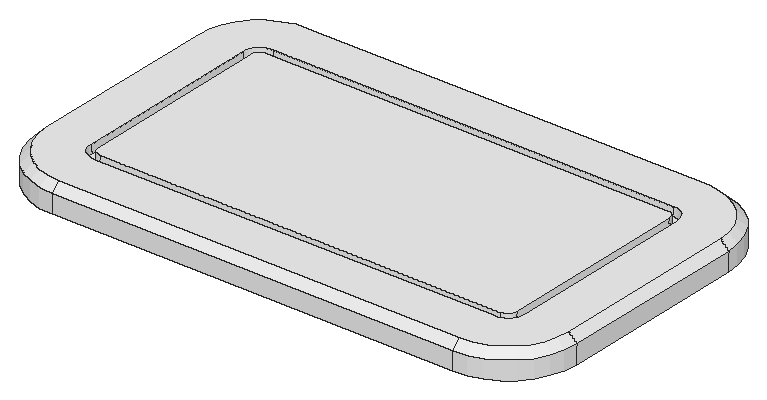
Revit family "ifö Sign Floorstanding WC 6860", category Generic Models, Revit 2015 (continued)
Lines and regions (mm)
  symbolic lines, visible <- "WithSeat"
    curve 136: arc (160.144, -251.689, 0) -> (164.909, -252.373, 0) -> (169.648, -253.215, 0) r 144.696
    curve 137: arc (169.648, -253.215, 0) -> (172.389, -253.943, 0) -> (175.007, -255.029, 0) r 21.199
    curve 157: arc (172.376, -215, 419.011) -> (170.677, -215, 419.52) -> (168.916, -215, 419.723) r 10.107
    curve 158: arc (168.916, -215, 419.723) -> (164.288, -215, 419.923) -> (159.657, -215, 419.955) r 128.365
    curve 159: arc (-172.376, -215, 419.011) -> (-170.677, -215, 419.52) -> (-168.916, -215, 419.723) r 10.107
    curve 160: arc (-168.916, -215, 419.723) -> (-164.288, -215, 419.923) -> (-159.657, -215, 419.955) r 128.365
    curve 161: arc (61.864, -244.168, 0) -> (73.511, -224.185, 0) -> (92.63, -237.2, 0) r 15.811
    curve 162: arc (-61.864, -244.168, 0) -> (-73.511, -224.185, 0) -> (-92.63, -237.2, 0) r 15.811
    curve 163: arc (0, -615.664, 418.528) -> (0, -456.976, 420.566) -> (0, -298.299, 423.342) r 34134.614
  symbolic lines
    curve 11: arc (-23.938, -9.382, 0) -> (0, -3.922, 0) -> (23.938, -9.382, 0) r 55.199
    curve 12: arc (0, -100.467, 362.876) -> (0, -97.379, 362.062) -> (0, -94.77, 360.22) r 8.989
    curve 13: arc (0, -94.77, 360.22) -> (0, -85.221, 357.05) -> (0, -75.207, 356.062) r 45.383
    curve 14: arc (0, -75.207, 356.062) -> (0, -55.207, 354.394) -> (0, -35.207, 356.062) r 120.796
    curve 15: arc (0, -35.207, 356.062) -> (0, -29.87, 356.721) -> (0, -24.496, 356.915) r 61.937
    curve 16: arc (0, -100.467, 362.876) -> (0, -105.436, 363.476) -> (0, -110.436, 363.667) r 61.207
    curve 17: arc (0, -110.436, 363.667) -> (0, -117.368, 363.485) -> (0, -124.27, 364.147) r 57.007
    curve 18: line (0, -146.17, 373.498) -> (0, -391.17, 373.498)
    curve 19: arc (0, -391.17, 373.498) -> (0, -518.565, 372.387) -> (0, -645.921, 369.055) r 7305.583
    curve 20: arc (0, -100.467, 362.876) -> (0, -106.239, 346.176) -> (0, -116.357, 331.691) r 63.991
    curve 21: arc (0, -116.357, 331.691) -> (0, -127.259, 311.829) -> (0, -133.214, 289.968) r 96.209
    curve 22: arc (0, -183.484, 93.593) -> (0, -198.638, 68.323) -> (0, -226.824, 59.732) r 41.021
    curve 23: arc (0, -133.214, 289.968) -> (0, -153.303, 190.489) -> (0, -183.484, 93.593) r 988.782
    curve 24: line (0, -226.824, 59.732) -> (0, -346.824, 59.732)
    curve 25: arc (0, -384.264, 89.896) -> (0, -370.864, 68.211) -> (0, -346.824, 59.732) r 38.317
    curve 26: arc (0, -384.264, 89.896) -> (0, -389.285, 104.889) -> (0, -390.952, 120.611) r 72.813
    curve 27: line (0, -390.952, 120.611) -> (0, -391.17, 373.498)
    curve 28: arc (-165.505, -215, 372.598) -> (0, -215, 369.802) -> (165.505, -215, 372.598) r 4899.351
    curve 29: line (-30.4, -134.902, 853.588) -> (30.4, -134.902, 853.588)
    curve 30: arc (30.4, -134.902, 853.588) -> (36.94, -132.193, 853.588) -> (39.649, -125.653, 853.588) r 9.249
    curve 31: line (39.649, -125.653, 853.588) -> (39.649, -96.853, 853.588)
    curve 32: arc (39.649, -96.853, 853.588) -> (36.94, -90.313, 853.588) -> (30.4, -87.603, 853.588) r 9.249
    curve 33: line (30.4, -87.603, 853.588) -> (-30.4, -87.603, 853.588)
    curve 34: line (-30.5, -128.253, 853.588) -> (30.5, -128.253, 853.588)
    curve 35: arc (30.5, -128.253, 853.588) -> (32.268, -127.521, 853.588) -> (33, -125.753, 853.588) r 2.5
    curve 36: line (33, -125.753, 853.588) -> (33, -96.753, 853.588)
    curve 37: arc (33, -96.753, 853.588) -> (32.268, -94.985, 853.588) -> (30.5, -94.253, 853.588) r 2.5
    curve 38: line (30.5, -94.253, 853.588) -> (-30.5, -94.253, 853.588)
    curve 39: line (30.4, -127.153, 853.588) -> (-30.4, -127.153, 853.588)
    curve 40: line (-30.4, -95.353, 853.588) -> (30.4, -95.353, 853.588)
    curve 41: arc (30.4, -95.353, 853.588) -> (31.461, -95.792, 853.588) -> (31.9, -96.853, 853.588) r 1.5
    curve 42: line (31.9, -96.853, 853.588) -> (31.9, -125.653, 853.588)
    curve 43: arc (31.9, -125.653, 853.588) -> (31.461, -126.713, 853.588) -> (30.4, -127.153, 853.588) r 1.5
    curve 44: circle (-17.999, -111.152, 853.588) r 12.3 normal (0, 0, 1)
    curve 45: circle (17.999, -111.152, 853.588) r 7.3 normal (0, 0, 1)
    curve 46: line (-30.299, -111.152, 853.588) -> (-5.699, -111.152, 853.588)
    curve 47: line (-41, -215, 852.275) -> (41, -215, 852.275)
    curve 48: arc (-41, -215, 850.438) -> (0, -215, 850.837) -> (41, -215, 850.438) r 2106.528
    curve 49: arc (0, -86.153, 850.663) -> (0, -92.12, 850.647) -> (0, -98.086, 850.616) r 2472.287
    curve 50: arc (0, -98.086, 850.616) -> (0, -105.612, 850.678) -> (0, -113.137, 850.636) r 547.741
    curve 51: arc (0, -113.137, 850.636) -> (0, -120.662, 850.538) -> (0, -128.183, 850.241) r 285.773
    curve 52: arc (0, -131.775, 850.014) -> (0, -133.567, 849.837) -> (0, -135.354, 849.619) r 77.262
    curve 53: arc (0, -128.183, 850.241) -> (0, -129.98, 850.149) -> (0, -131.775, 850.014) r 77.262
    curve 54: line (0, -86.153, 852.275) -> (0, -136.153, 852.275)
    curve 55: arc (0, -136.153, 849.525) -> (0, -135.754, 849.575) -> (0, -135.354, 849.619) r 30.159
    curve 67: line (0, -179.349, 440.896) -> (0, -23.527, 440.896)
    curve 68: arc (100.691, -215, 59.495) -> (107.106, -215, 55.743) -> (111.102, -215, 49.476) r 15.83
    curve 69: arc (90.053, -215, 59.619) -> (95.381, -215, 60.308) -> (100.691, -215, 59.495) r 19.212
    curve 70: arc (85.416, -215, 66.042) -> (87.567, -215, 62.71) -> (90.053, -215, 59.619) r 38.127
    curve 71: arc (70.956, -215, 93.289) -> (77.959, -215, 79.546) -> (85.416, -215, 66.042) r 463.318
    curve 72: arc (60.33, -215, 116.417) -> (65.676, -215, 104.868) -> (70.956, -215, 93.289) r 2227.988
    curve 73: arc (58.697, -215, 121.612) -> (59.532, -215, 119.02) -> (60.33, -215, 116.417) r 195.437
    curve 74: arc (58.089, -215, 130.6) -> (58.345, -215, 126.103) -> (58.697, -215, 121.612) r 211.097
    curve 75: arc (60.722, -215, 144.355) -> (59.168, -215, 137.523) -> (58.089, -215, 130.6) r 101.449
    curve 76: arc (63.491, -215, 152.664) -> (62.081, -215, 148.518) -> (60.722, -215, 144.355) r 365.616
    curve 77: arc (79.727, -215, 183.519) -> (71.16, -215, 168.328) -> (63.491, -215, 152.664) r 299.578
    curve 78: arc (-100.691, -215, 59.495) -> (-107.106, -215, 55.743) -> (-111.102, -215, 49.476) r 15.83
    curve 79: arc (-90.053, -215, 59.619) -> (-95.381, -215, 60.308) -> (-100.691, -215, 59.495) r 19.212
    curve 80: arc (-85.416, -215, 66.042) -> (-87.567, -215, 62.71) -> (-90.053, -215, 59.619) r 38.127
    curve 81: arc (-70.956, -215, 93.289) -> (-77.959, -215, 79.546) -> (-85.416, -215, 66.042) r 463.318
    curve 82: arc (-60.33, -215, 116.417) -> (-65.676, -215, 104.868) -> (-70.956, -215, 93.289) r 2227.988
    curve 83: arc (-58.697, -215, 121.612) -> (-59.532, -215, 119.02) -> (-60.33, -215, 116.417) r 195.437
    curve 84: arc (-58.089, -215, 130.6) -> (-58.345, -215, 126.103) -> (-58.697, -215, 121.612) r 211.097
    curve 85: arc (-60.722, -215, 144.355) -> (-59.168, -215, 137.523) -> (-58.089, -215, 130.6) r 101.449
    curve 86: arc (-63.491, -215, 152.664) -> (-62.081, -215, 148.518) -> (-60.722, -215, 144.355) r 365.616
    curve 87: arc (-79.727, -215, 183.519) -> (-71.16, -215, 168.328) -> (-63.491, -215, 152.664) r 299.578
    curve 88: arc (74.957, -215, 175.318) -> (81.243, -215, 147.571) -> (87.336, -215, 119.781) r 4086.244
    curve 89: arc (87.336, -215, 119.781) -> (92.146, -215, 97.917) -> (96.836, -215, 76.028) r 4076.23
    curve 90: arc (96.836, -215, 76.028) -> (98.142, -215, 69.249) -> (99.205, -215, 62.428) r 192.622
    curve 91: arc (99.205, -215, 62.428) -> (99.277, -215, 61.313) -> (99.188, -215, 60.199) r 7.749
    curve 92: arc (99.188, -215, 60.199) -> (99.151, -215, 60.047) -> (99.089, -215, 59.903) r 0.916
    curve 93: arc (-74.957, -215, 175.318) -> (-81.243, -215, 147.571) -> (-87.336, -215, 119.781) r 4086.244
    curve 94: arc (-87.336, -215, 119.781) -> (-92.146, -215, 97.917) -> (-96.836, -215, 76.028) r 4076.23
    curve 95: arc (-96.836, -215, 76.028) -> (-98.142, -215, 69.249) -> (-99.205, -215, 62.428) r 192.622
    curve 96: arc (-99.205, -215, 62.428) -> (-99.277, -215, 61.313) -> (-99.188, -215, 60.199) r 7.749
    curve 97: arc (-99.188, -215, 60.199) -> (-99.151, -215, 60.047) -> (-99.089, -215, 59.903) r 0.916
    curve 138: arc (-171.192, -186.397, 0) -> (-164.935, -194.603, 0) -> (-155.237, -198.128, 0) r 18.329
    curve 139: arc (-155.237, -198.128, 0) -> (-77.667, -202.243, 0) -> (0, -203.615, 0) r 2198.836
    curve 140: arc (0, -203.615, 0) -> (77.667, -202.243, 0) -> (155.237, -198.128, 0) r 2198.836
    curve 141: arc (155.237, -198.128, 0) -> (164.935, -194.603, 0) -> (171.192, -186.397, 0) r 18.329
    curve 142: arc (-87.53, -19.394, 0) -> (-78.487, -16.747, 0) -> (-69.291, -14.693, 0) r 145.128
    curve 143: arc (-69.291, -14.693, 0) -> (-47.2, -11.301, 0) -> (-24.926, -9.46, 0) r 319.922
    curve 144: arc (-24.926, -9.46, 0) -> (-12.473, -8.709, 0) -> (0, -8.459, 0) r 310.881
    curve 145: arc (0, -8.459, 0) -> (12.473, -8.709, 0) -> (24.926, -9.46, 0) r 310.881
    curve 146: arc (24.926, -9.46, 0) -> (47.2, -11.301, 0) -> (69.291, -14.693, 0) r 319.922
    curve 147: arc (69.291, -14.693, 0) -> (78.487, -16.747, 0) -> (87.53, -19.394, 0) r 145.128
    curve 148: arc (0, -24.128, 0) -> (-64.89, -34.202, 0) -> (-124.32, -62.137, 0) r 230.894
    curve 149: arc (-124.32, -62.137, 0) -> (-141.947, -80.827, 0) -> (-149.32, -105.438, 0) r 55.738
    curve 150: arc (-149.32, -105.438, 0) -> (-149.067, -122.983, 0) -> (-146.269, -140.305, 0) r 120.498
    curve 151: arc (-146.269, -140.305, 0) -> (-142.781, -148.725, 0) -> (-134.361, -152.213, 0) r 11.908
    curve 152: arc (0, -24.128, 0) -> (64.89, -34.202, 0) -> (124.32, -62.137, 0) r 230.894
    curve 153: arc (124.32, -62.137, 0) -> (141.947, -80.827, 0) -> (149.32, -105.438, 0) r 55.738
    curve 154: arc (149.32, -105.438, 0) -> (149.067, -122.983, 0) -> (146.269, -140.305, 0) r 120.498
    curve 155: arc (146.269, -140.305, 0) -> (142.781, -148.725, 0) -> (134.361, -152.213, 0) r 11.908
    curve 156: arc (-134.361, -152.213, 0) -> (0, -168.274, 0) -> (134.361, -152.213, 0) r 570.033
    curve 165: line (40.9, -125.653, 849.525) -> (40.9, -96.852, 849.525)
    curve 166: arc (40.9, -96.852, 849.525) -> (37.825, -89.428, 849.525) -> (30.401, -86.353, 849.525) r 10.499
    curve 167: line (30.401, -86.353, 849.525) -> (-30.401, -86.353, 849.525)
    curve 168: line (-30.401, -136.153, 849.525) -> (30.401, -136.153, 849.525)
    curve 169: arc (30.401, -136.153, 849.525) -> (37.825, -133.078, 849.525) -> (40.9, -125.653, 849.525) r 10.499
    curve 170: arc (-30.4, -134.902, 853.588) -> (-36.94, -132.193, 853.588) -> (-39.649, -125.653, 853.588) r 9.249
    curve 171: line (-39.649, -125.653, 853.588) -> (-39.649, -96.853, 853.588)
    curve 172: arc (-39.649, -96.853, 853.588) -> (-36.94, -90.313, 853.588) -> (-30.4, -87.603, 853.588) r 9.249
    curve 173: arc (-30.5, -128.253, 853.588) -> (-32.268, -127.521, 853.588) -> (-33, -125.753, 853.588) r 2.5
    curve 174: line (-33, -125.753, 853.588) -> (-33, -96.753, 853.588)
    curve 175: arc (-33, -96.753, 853.588) -> (-32.268, -94.985, 853.588) -> (-30.5, -94.253, 853.588) r 2.5
    curve 176: arc (-30.4, -95.353, 853.588) -> (-31.461, -95.792, 853.588) -> (-31.9, -96.853, 853.588) r 1.5
    curve 177: line (-31.9, -96.853, 853.588) -> (-31.9, -125.653, 853.588)
    curve 178: arc (-31.9, -125.653, 853.588) -> (-31.461, -126.713, 853.588) -> (-30.4, -127.153, 853.588) r 1.5
    curve 179: line (-40.9, -125.653, 849.525) -> (-40.9, -96.852, 849.525)
    curve 180: arc (-40.9, -96.852, 849.525) -> (-37.825, -89.428, 849.525) -> (-30.401, -86.353, 849.525) r 10.499
    curve 181: arc (-30.401, -136.153, 849.525) -> (-37.825, -133.078, 849.525) -> (-40.9, -125.653, 849.525) r 10.499
  symbolic lines, visible <- "WithoutSeat"
    curve 164: line (-156.594, -215, 440.896) -> (156.594, -215, 440.896)
    curve 182: arc (73.628, -315.757, 849.525) -> (60.496, -309.293, 849.525) -> (46.587, -304.738, 849.525) r 103.942
    curve 183: arc (46.587, -304.738, 849.525) -> (30.098, -301.517, 849.525) -> (13.36, -300.063, 849.525) r 158.149
    curve 184: arc (13.36, -300.063, 849.525) -> (6.681, -299.896, 849.525) -> (0, -299.84, 849.525) r 399.177
    curve 185: arc (0, -299.84, 849.525) -> (-6.681, -299.896, 849.525) -> (-13.36, -300.063, 849.525) r 399.177
    curve 186: arc (-13.36, -300.063, 849.525) -> (-30.098, -301.517, 849.525) -> (-46.587, -304.738, 849.525) r 158.149
    curve 187: arc (-46.587, -304.738, 849.525) -> (-60.496, -309.293, 849.525) -> (-73.628, -315.757, 849.525) r 103.942
    curve 188: arc (-73.628, -315.757, 849.525) -> (-82.763, -322.227, 849.525) -> (-90.619, -330.2, 849.525) r 63.469
    curve 189: arc (-90.619, -330.2, 849.525) -> (-98.739, -342.579, 849.525) -> (-103.985, -356.423, 849.525) r 67.948
    curve 190: arc (-103.985, -356.423, 849.525) -> (-106.416, -367.864, 849.525) -> (-107.837, -379.474, 849.525) r 133.674
    curve 191: arc (-107.837, -379.474, 849.525) -> (-108.053, -384.204, 849.525) -> (-107.964, -388.937, 849.525) r 73.372
    curve 192: arc (-107.964, -388.937, 849.525) -> (-107.007, -404.366, 849.525) -> (-105.711, -419.77, 849.525) r 705.751
    curve 193: arc (-105.711, -419.77, 849.525) -> (-103.827, -435.333, 849.525) -> (-101.574, -450.847, 849.525) r 660.842
    curve 194: arc (-101.574, -450.847, 849.525) -> (-99.396, -463.549, 849.525) -> (-96.868, -476.187, 849.525) r 467.648
    curve 195: arc (-96.868, -476.187, 849.525) -> (-93.998, -489.1, 849.525) -> (-90.936, -501.968, 849.525) r 884.152
    curve 196: arc (-90.936, -501.968, 849.525) -> (-87.381, -515.936, 849.525) -> (-83.598, -529.844, 849.525) r 884.152
    curve 197: arc (-83.598, -529.844, 849.525) -> (-81.23, -537.429, 849.525) -> (-78.427, -544.865, 849.525) r 137.404
    curve 198: arc (-78.427, -544.865, 849.525) -> (-74.1, -554.854, 849.525) -> (-69.389, -564.667, 849.525) r 280.805
    curve 199: arc (-69.389, -564.667, 849.525) -> (-59.072, -580.927, 849.525) -> (-45.771, -594.855, 849.525) r 97.931
    curve 200: arc (-45.771, -594.855, 849.525) -> (-33.739, -603.611, 849.525) -> (-20.454, -610.317, 849.525) r 92.153
    curve 201: arc (-20.454, -610.317, 849.525) -> (-10.421, -613.31, 849.525) -> (0, -614.321, 849.525) r 54.247
    curve 202: arc (0, -614.321, 849.525) -> (10.421, -613.31, 849.525) -> (20.454, -610.317, 849.525) r 54.247
    curve 203: arc (20.454, -610.317, 849.525) -> (33.739, -603.611, 849.525) -> (45.771, -594.855, 849.525) r 92.153
    curve 204: arc (45.771, -594.855, 849.525) -> (59.072, -580.927, 849.525) -> (69.389, -564.667, 849.525) r 97.931
    curve 205: arc (69.389, -564.667, 849.525) -> (74.1, -554.854, 849.525) -> (78.427, -544.865, 849.525) r 280.805
    curve 206: arc (78.427, -544.865, 849.525) -> (81.23, -537.429, 849.525) -> (83.598, -529.844, 849.525) r 137.404
    curve 207: arc (83.598, -529.844, 849.525) -> (87.381, -515.936, 849.525) -> (90.936, -501.968, 849.525) r 884.152
    curve 208: arc (90.936, -501.968, 849.525) -> (93.998, -489.1, 849.525) -> (96.868, -476.187, 849.525) r 884.152
    curve 209: arc (96.868, -476.187, 849.525) -> (99.396, -463.549, 849.525) -> (101.574, -450.847, 849.525) r 467.648
    curve 210: arc (101.574, -450.847, 849.525) -> (103.827, -435.333, 849.525) -> (105.711, -419.77, 849.525) r 660.842
    curve 211: arc (105.711, -419.77, 849.525) -> (107.007, -404.366, 849.525) -> (107.964, -388.937, 849.525) r 705.751
    curve 212: arc (107.964, -388.937, 849.525) -> (108.053, -384.204, 849.525) -> (107.837, -379.474, 849.525) r 73.372
    curve 213: arc (107.837, -379.474, 849.525) -> (106.416, -367.864, 849.525) -> (103.985, -356.423, 849.525) r 133.674
    curve 214: arc (103.985, -356.423, 849.525) -> (98.739, -342.579, 849.525) -> (90.619, -330.2, 849.525) r 67.948
    curve 215: arc (90.619, -330.2, 849.525) -> (82.763, -322.227, 849.525) -> (73.628, -315.757, 849.525) r 63.469
    curve 216: arc (54.021, -422.756, 849.525) -> (51.031, -437.873, 849.525) -> (46.161, -452.494, 849.525) r 122.176
    curve 217: arc (46.161, -452.494, 849.525) -> (43.395, -458.502, 849.525) -> (40.08, -464.225, 849.525) r 70.704
    curve 218: arc (40.08, -464.225, 849.525) -> (38.496, -466.664, 849.525) -> (36.755, -468.992, 849.525) r 43.964
    curve 219: arc (36.755, -468.992, 849.525) -> (32.111, -474.351, 849.525) -> (27.066, -479.335, 849.525) r 91.562
    curve 220: arc (27.066, -479.335, 849.525) -> (14.517, -487.123, 849.525) -> (0, -489.842, 849.525) r 40.115
    curve 221: arc (0, -489.842, 849.525) -> (-14.517, -487.123, 849.525) -> (-27.066, -479.335, 849.525) r 40.115
    curve 222: arc (-27.066, -479.335, 849.525) -> (-32.111, -474.351, 849.525) -> (-36.755, -468.992, 849.525) r 91.562
    curve 223: arc (-36.755, -468.992, 849.525) -> (-38.496, -466.664, 849.525) -> (-40.08, -464.225, 849.525) r 43.964
    curve 224: arc (-40.08, -464.225, 849.525) -> (-43.395, -458.502, 849.525) -> (-46.161, -452.494, 849.525) r 70.704
    curve 225: arc (-46.161, -452.494, 849.525) -> (-51.031, -437.873, 849.525) -> (-54.021, -422.756, 849.525) r 122.176
    curve 226: arc (-54.021, -422.756, 849.525) -> (-56.058, -404.97, 849.525) -> (-57.446, -387.122, 849.525) r 492.325
    curve 227: arc (-57.446, -387.122, 849.525) -> (-57.538, -381.981, 849.525) -> (-57.203, -376.851, 849.525) r 61.863
    curve 228: arc (-57.203, -376.851, 849.525) -> (-55.896, -369.082, 849.525) -> (-53.668, -361.525, 849.525) r 65.758
    curve 229: arc (-53.668, -361.525, 849.525) -> (-47.621, -349.71, 849.525) -> (-38.809, -339.785, 849.525) r 52.598
    curve 230: arc (-38.809, -339.785, 849.525) -> (-30.843, -334.222, 849.525) -> (-21.865, -330.505, 849.525) r 44.834
    curve 231: arc (-21.865, -330.505, 849.525) -> (-11.044, -328.165, 849.525) -> (0, -327.38, 849.525) r 78.058
    curve 232: arc (0, -327.38, 849.525) -> (11.044, -328.165, 849.525) -> (21.865, -330.505, 849.525) r 78.058
    curve 233: arc (21.865, -330.505, 849.525) -> (30.843, -334.222, 849.525) -> (38.809, -339.785, 849.525) r 44.834
    curve 234: arc (38.809, -339.785, 849.525) -> (47.621, -349.71, 849.525) -> (53.668, -361.525, 849.525) r 52.598
    curve 235: arc (53.668, -361.525, 849.525) -> (55.896, -369.082, 849.525) -> (57.203, -376.851, 849.525) r 65.758
    curve 236: arc (57.203, -376.851, 849.525) -> (57.538, -381.981, 849.525) -> (57.446, -387.122, 849.525) r 61.863
    curve 237: arc (57.446, -387.122, 849.525) -> (56.058, -404.97, 849.525) -> (54.021, -422.756, 849.525) r 492.325
Dimensions and locks
  "ColdWaterConnectionHeight": plane 5 "In" to level
  "ConnectorOut_OffsetFromWall": plane 1 "Center (Front/Back)" to connector elem
  "ConnectorIn_HDistance": connector elem to plane 3 "Center (Left/Right)"
  "ConnectorIn_OffsetFromWall": plane 1 "Center (Front/Back)" to connector elem
  aligned and locked: plane 2 to level
Automatic sketch dimensions
  curve 139 to curve 140 = 0.00 mm  (x2)
  curve 144 to curve 145 = 0.00 mm  (x2)
  curve 11 to plane 3 "Center (Left/Right)" = 0.00 mm
  curve 128 to plane 3 "Center (Left/Right)" = 0.00 mm
  curve 156 to plane 3 "Center (Left/Right)" = 0.00 mm
  curve 148 to plane 3 "Center (Left/Right)" = 0.00 mm
  curve 140 to plane 3 "Center (Left/Right)" = 0.00 mm
  curve 144 to plane 3 "Center (Left/Right)" = 0.00 mm
  curve 133 to plane 3 "Center (Left/Right)" = 0.00 mm
  curve 128 to plane 3 "Center (Left/Right)" = 2.475 mm
  curve 152 to plane 3 "Center (Left/Right)" = 2.617 mm
  curve 143 to plane 3 "Center (Left/Right)" = 9.722 mm
  curve 150 to plane 3 "Center (Left/Right)" = 29.027 mm
  curve 126 to plane 3 "Center (Left/Right)" = 33.167 mm
  curve 129 to plane 3 "Center (Left/Right)" = 38.138 mm
  curve 142 to plane 3 "Center (Left/Right)" = 42.268 mm
  curve 127 to curve 152 = 41.584 mm
  curve 117 to curve 127 = 25.497 mm
  curve 120 to curve 117 = 2.15 mm
  curve 121 to curve 120 = 4.938 mm
  curve 162 to curve 121 = 0.216 mm
  curve 132 to curve 162 = 1.45 mm
  curve 119 to curve 162 = 4.722 mm
  curve 122 to plane 3 "Center (Left/Right)" = 83.902 mm
  curve 149 to curve 150 = 64.65 mm
  curve 118 to curve 119 = 16.38 mm
  curve 151 to curve 149 = 40.684 mm
  curve 131 to plane 3 "Center (Left/Right)" = 141.96 mm
  curve 138 to curve 156 = 19.716 mm
  curve 130 to curve 118 = 67.486 mm
  curve 4 to curve 130 = 101.323 mm
  curve 116 to curve 4 = 167.804 mm
  plane 3 "Center (Left/Right)" to curve 123 = 2.475 mm
  plane 3 "Center (Left/Right)" to curve 148 = 2.617 mm
  plane 3 "Center (Left/Right)" to curve 146 = 9.722 mm
  plane 3 "Center (Left/Right)" to curve 154 = 29.027 mm
  plane 3 "Center (Left/Right)" to curve 124 = 33.167 mm
  plane 3 "Center (Left/Right)" to curve 135 = 38.138 mm
  plane 3 "Center (Left/Right)" to curve 147 = 42.268 mm
  curve 148 to curve 125 = 41.584 mm
  curve 125 to curve 6 = 25.497 mm
  curve 6 to curve 9 = 2.15 mm
  curve 9 to curve 10 = 4.938 mm
  curve 10 to curve 161 = 0.216 mm
  curve 161 to curve 134 = 1.436 mm
  curve 161 to curve 8 = 4.722 mm
  plane 3 "Center (Left/Right)" to curve 114 = 83.902 mm
  curve 154 to curve 153 = 64.65 mm
  curve 8 to curve 7 = 16.38 mm
  curve 153 to curve 155 = 40.684 mm
  plane 3 "Center (Left/Right)" to curve 136 = 141.96 mm
  curve 155 to curve 141 = 19.716 mm
  curve 7 to curve 137 = 67.486 mm
  curve 137 to curve 115 = 101.323 mm
  curve 115 to curve 5 = 167.804 mm
  plane 1 "Center (Front/Back)" to curve 133 = 2022.293 mm
  curve 133 to curve 129 = 807.465 mm
  curve 129 to curve 135 = 0.00 mm
  curve 129 to curve 128 = 51.291 mm
  curve 128 to curve 123 = 0.00 mm
  curve 123 to curve 114 = 452.095 mm
  curve 122 to curve 114 = 0.00 mm
  curve 122 to curve 131 = 316.206 mm
  curve 131 to curve 136 = 0.00 mm
  curve 131 to curve 143 = 66.217 mm
  curve 143 to curve 146 = 0.00 mm
  curve 146 to curve 145 = 9.681 mm
  curve 143 to curve 126 = 28.636 mm
  curve 146 to curve 124 = 28.636 mm
  curve 131 to curve 130 = 121.215 mm
  curve 136 to curve 137 = 121.215 mm
  curve 126 to curve 127 = 43.608 mm
  curve 124 to curve 125 = 43.608 mm
  curve 125 to curve 148 = 1.769 mm
  curve 152 to curve 148 = 0.00 mm
  curve 130 to curve 4 = 23.192 mm
  curve 137 to curve 115 = 23.192 mm
  curve 4 to curve 116 = 0.00 mm
  curve 115 to curve 5 = 0.00 mm
  curve 125 to curve 134 = 11.082 mm
  curve 127 to curve 132 = 11.082 mm
  curve 132 to curve 118 = 5.11 mm
  curve 134 to curve 7 = 5.11 mm
  curve 132 to curve 117 = 5.111 mm
  curve 134 to curve 6 = 5.111 mm
  curve 132 to curve 119 = 5.577 mm
  curve 134 to curve 8 = 5.577 mm
  curve 117 to curve 120 = 0.467 mm
  curve 6 to curve 9 = 0.467 mm
  curve 8 to curve 161 = 0.512 mm
  curve 119 to curve 162 = 0.512 mm
  curve 161 to curve 10 = 3.965 mm
  curve 162 to curve 121 = 3.965 mm
  curve 7 to curve 141 = 60.748 mm
  curve 118 to curve 138 = 60.748 mm
  curve 121 to curve 142 = 78.357 mm
  curve 142 to curve 147 = 0.00 mm
  curve 141 to curve 155 = 39.531 mm
  curve 138 to curve 151 = 39.531 mm
  curve 147 to curve 154 = 44.803 mm
  curve 142 to curve 150 = 44.803 mm
  curve 155 to curve 153 = 31.609 mm
  curve 151 to curve 149 = 31.609 mm
  plane 1 "Center (Front/Back)" to curve 11 = 59.12 mm
  curve 156 to plane 1 "Center (Front/Back)" = 401.759 mm
  curve 156 to curve 139 = 1593.462 mm
  plane 1 "Center (Front/Back)" to curve 11 = 9.382 mm
  curve 11 to plane 3 "Center (Left/Right)" = 23.938 mm
  curve 144 to curve 11 = 0.989 mm
  curve 127 to curve 128 = 8.836 mm
  curve 126 to curve 128 = 0.00 mm
  curve 127 to curve 126 = 0.00 mm
  curve 127 to curve 126 = 6.828 mm
  curve 162 to curve 127 = 6.694 mm
  curve 116 to curve 162 = 4.498 mm
  curve 117 to curve 116 = 0.00 mm
  curve 133 to curve 116 = 2.173 mm
  curve 117 to curve 119 = 0.727 mm
  curve 142 to curve 143 = 0.00 mm
  curve 122 to curve 119 = 0.585 mm
  curve 121 to curve 119 = 0.00 mm
  curve 120 to curve 121 = 0.00 mm
  curve 142 to curve 142 = 18.239 mm
  curve 132 to curve 119 = 6.719 mm
  curve 122 to curve 118 = 0.141 mm
  curve 115 to curve 118 = 0.00 mm
  curve 149 to curve 149 = 30.642 mm
  curve 148 to curve 149 = 0.00 mm
  curve 150 to curve 151 = 11.908 mm
  curve 139 to curve 138 = 1.159 mm
  curve 131 to curve 129 = 0.00 mm
  curve 130 to curve 131 = 0.00 mm
  curve 138 to curve 138 = 17.114 mm
  curve 130 to curve 131 = 5.359 mm
  curve 11 to curve 146 = 0.989 mm
  curve 124 to curve 123 = 0.00 mm
  curve 125 to curve 124 = 0.00 mm
  curve 125 to curve 161 = 6.694 mm
  curve 161 to curve 5 = 4.498 mm
  curve 6 to curve 5 = 0.00 mm
  curve 5 to curve 134 = 2.159 mm
  curve 8 to curve 6 = 0.727 mm
  curve 147 to curve 146 = 0.00 mm
  curve 8 to curve 114 = 0.585 mm
  curve 10 to curve 8 = 0.00 mm
  curve 9 to curve 10 = 0.00 mm
  curve 147 to curve 147 = 18.239 mm
  curve 8 to curve 135 = 6.705 mm
  curve 7 to curve 7 = 0.141 mm
  curve 4 to curve 7 = 0.00 mm
  curve 153 to curve 152 = 0.00 mm
  curve 141 to curve 140 = 1.159 mm
  curve 136 to curve 135 = 0.00 mm
  curve 137 to curve 136 = 0.00 mm
  curve 141 to curve 141 = 17.114 mm
  curve 137 to curve 137 = 5.359 mm
  curve 123 to curve 139 = 34.366 mm
  curve 52 to curve 53 = 0.00 mm  (x2)
  plane 5 "In" to curve 23 = 75.697 mm
  plane 1 "Center (Front/Back)" to curve 23 = 1111.198 mm
  plane 1 "Center (Front/Back)" to curve 163 = 974.69 mm
  plane 1 "Center (Front/Back)" to curve 56 = 482.21 mm
  plane 1 "Center (Front/Back)" to curve 64 = 437.897 mm
  plane 5 "In" to curve 27 = 13.498 mm
  curve 56 to curve 27 = 91.039 mm
  level to curve 27 = 120.611 mm
  curve 19 to curve 27 = 0.219 mm
  level to curve 24 = 59.732 mm
  curve 26 to curve 24 = 44.127 mm
  curve 25 to curve 26 = 28.685 mm
  plane 1 "Center (Front/Back)" to curve 66 = 289.858 mm
  curve 19 to curve 58 = 127.368 mm
  curve 58 to curve 57 = 5.748 mm
  plane 1 "Center (Front/Back)" to curve 65 = 250.044 mm
  curve 62 to curve 65 = 0.00 mm  (x2)
  curve 57 to curve 59 = 8.04 mm
  curve 59 to curve 60 = 0.135 mm
  curve 58 to curve 61 = 21.55 mm
  curve 59 to curve 63 = 16.225 mm
  curve 26 to curve 24 = 91.315 mm
  curve 24 to curve 22 = 2.931 mm
  plane 5 "In" to curve 20 = 15.228 mm
  curve 60 to curve 20 = 86.624 mm
  plane 1 "Center (Front/Back)" to curve 55 = 132.231 mm
  curve 55 to curve 52 = 7.133 mm
  curve 20 to curve 17 = 47.862 mm
  plane 1 "Center (Front/Back)" to curve 51 = 113.177 mm
  curve 20 to curve 16 = 52.98 mm
  curve 16 to curve 50 = 3.961 mm
  curve 12 to plane 5 "In" = 6.085 mm
  curve 50 to curve 12 = 5.136 mm
  plane 1 "Center (Front/Back)" to curve 49 = 82.337 mm
  curve 17 to curve 13 = 39.607 mm
  plane 1 "Center (Front/Back)" to curve 14 = 55.207 mm
  plane 1 "Center (Front/Back)" to curve 21 = 38.056 mm
  curve 21 to curve 15 = 13.103 mm
  curve 49 to level = 1621.621 mm
  curve 19 to curve 49 = 5310.465 mm
  curve 64 to curve 19 = 1555.149 mm
  curve 24 to curve 25 = 38.317 mm
  curve 24 to curve 22 = 40.916 mm
  curve 25 to curve 26 = 22.331 mm
  curve 21 to plane 5 "In" = 84.212 mm
  curve 21 to curve 15 = 19.191 mm
  curve 16 to curve 12 = 51.455 mm
  curve 16 to curve 50 = 0.477 mm
  plane 5 "In" to curve 13 = 41.44 mm
  curve 13 to curve 17 = 19.018 mm
  plane 5 "In" to curve 60 = 76.303 mm
  curve 60 to curve 59 = 0.152 mm
  curve 59 to curve 57 = 8.303 mm
  curve 57 to curve 58 = 12.672 mm
  curve 59 to curve 63 = 21.592 mm
  curve 13 to curve 14 = 73.75 mm
  plane 5 "In" to curve 56 = 187.358 mm
  curve 14 to curve 51 = 89.672 mm
  curve 51 to curve 61 = 37.282 mm
  curve 61 to curve 52 = 170.896 mm
  curve 53 to curve 55 = 46.582 mm
  curve 55 to curve 66 = 120.51 mm
  curve 66 to curve 62 = 3528.192 mm
  curve 65 to curve 163 = 30082.931 mm
  plane 5 "In" to curve 19 = 9.055 mm
  curve 19 to curve 64 = 29.318 mm
  curve 64 to curve 163 = 0.939 mm
  curve 64 to curve 57 = 50.691 mm
  curve 65 to curve 64 = 0.00 mm
  curve 64 to curve 66 = 1.879 mm
  curve 64 to curve 65 = 8.469 mm
  curve 65 to curve 163 = 1.977 mm
  curve 66 to curve 57 = 4.657 mm
  curve 58 to curve 66 = 0.00 mm
  curve 66 to curve 59 = 4.686 mm
  curve 57 to curve 58 = 0.00 mm
  curve 59 to curve 62 = 2.986 mm
  curve 57 to curve 57 = 3.317 mm
  curve 57 to curve 56 = 2.858 mm
  curve 56 to curve 60 = 1.786 mm
  curve 62 to curve 61 = 13.154 mm
  curve 62 to curve 61 = 0.00 mm
  curve 60 to curve 60 = 9.417 mm
  curve 60 to curve 59 = 0.721 mm
  curve 63 to curve 61 = 0.00 mm
  curve 63 to curve 63 = 4.368 mm
  curve 22 to curve 22 = 40.41 mm
  curve 63 to curve 67 = 47.827 mm
  curve 20 to curve 18 = 17.084 mm
  curve 55 to curve 55 = 3.922 mm
  curve 54 to curve 55 = 0.00 mm
  curve 55 to curve 55 = 0.799 mm
  curve 21 to curve 23 = 0.00 mm
  curve 55 to curve 53 = 3.578 mm
  curve 53 to curve 51 = 3.593 mm
  plane 5 "In" to curve 17 = 4.147 mm
  curve 18 to curve 17 = 21.90 mm
  curve 21 to curve 12 = 15.179 mm
  curve 53 to curve 51 = 15.045 mm
  plane 5 "In" to curve 17 = 3.667 mm
  curve 50 to curve 50 = 15.051 mm
  plane 5 "In" to curve 13 = 0.22 mm
  curve 49 to curve 54 = 11.934 mm
  curve 49 to curve 54 = 0.00 mm
  curve 13 to plane 5 "In" = 3.938 mm
  curve 15 to curve 14 = 0.00 mm
  curve 15 to plane 5 "In" = 3.085 mm
  plane 1 "Center (Front/Back)" to curve 67 = 23.527 mm
  curve 163 to curve 64 = 0.54 mm
  curve 62 to curve 59 = 6.839 mm
  curve 63 to curve 67 = 20.565 mm
  curve 59 to curve 60 = 7.098 mm
  curve 55 to curve 55 = 29.903 mm
  curve 55 to curve 54 = 2.749 mm
  curve 98 to curve 99 = 0.00 mm  (x2)
  curve 100 to curve 101 = 0.00 mm  (x2)
  curve 28 to plane 3 "Center (Left/Right)" = 0.00 mm
  curve 3 to plane 3 "Center (Left/Right)" = 0.00 mm
  curve 98 to plane 3 "Center (Left/Right)" = 0.00 mm
  plane 3 "Center (Left/Right)" to curve 113 = 0.00 mm
  plane 3 "Center (Left/Right)" to curve 48 = 0.00 mm
  plane 3 "Center (Left/Right)" to curve 104 = 4.152 mm
  plane 5 "In" to curve 104 = 15843.852 mm
  curve 103 to curve 104 = 0.00 mm
  plane 3 "Center (Left/Right)" to curve 99 = 0.538 mm
  plane 5 "In" to curve 99 = 6831.854 mm
  curve 101 to curve 99 = 0.00 mm
  curve 99 to curve 28 = 1922.701 mm
  curve 28 to curve 3 = 2206.036 mm
  curve 102 to plane 3 "Center (Left/Right)" = 139.574 mm
  plane 5 "In" to curve 102 = 516.514 mm
  curve 106 to curve 102 = 0.00 mm
  plane 5 "In" to curve 105 = 58.895 mm
  plane 5 "In" to curve 157 = 49.62 mm
  plane 5 "In" to curve 159 = 49.62 mm
  curve 159 to curve 112 = 9.931 mm
  curve 157 to curve 109 = 9.931 mm
  curve 81 to plane 5 "In" = 63.26 mm
  curve 71 to plane 5 "In" = 63.26 mm
  curve 160 to plane 5 "In" = 68.402 mm
  curve 158 to plane 5 "In" = 68.402 mm
  level to curve 74 = 140.353 mm
  level to curve 84 = 140.353 mm
  curve 74 to curve 75 = 21.90 mm
  curve 84 to curve 85 = 21.90 mm
  plane 3 "Center (Left/Right)" to curve 107 = 30.89 mm
  level to curve 107 = 109.759 mm
  curve 110 to curve 107 = 0.00 mm
  curve 85 to curve 80 = 33.427 mm
  curve 75 to curve 70 = 33.427 mm
  curve 70 to curve 91 = 23.655 mm
  curve 80 to curve 96 = 23.655 mm
  curve 80 to curve 73 = 24.601 mm
  curve 70 to curve 83 = 24.601 mm
  curve 91 to curve 92 = 1.034 mm
  curve 96 to curve 97 = 1.034 mm
  curve 97 to curve 78 = 16.002 mm
  curve 92 to curve 68 = 16.002 mm
  curve 68 to curve 69 = 3.238 mm
  curve 78 to curve 79 = 3.238 mm
  curve 69 to curve 95 = 4.908 mm
  curve 79 to curve 90 = 4.908 mm
  level to curve 76 = 32.928 mm
  level to curve 86 = 32.928 mm
  level to curve 77 = 28.82 mm
  level to curve 87 = 28.82 mm
  curve 108 to plane 3 "Center (Left/Right)" = 63.683 mm
  curve 108 to level = 536.57 mm
  plane 3 "Center (Left/Right)" to curve 111 = 63.683 mm
  curve 111 to curve 108 = 0.00 mm
  curve 88 to level = 741.361 mm
  curve 93 to level = 741.361 mm
  curve 93 to curve 94 = 25.663 mm
  curve 88 to curve 89 = 25.663 mm
  curve 82 to level = 825.305 mm
  curve 72 to level = 825.305 mm
  curve 111 to curve 113 = 329.494 mm
  curve 113 to curve 48 = 389.628 mm
  curve 1 to plane 3 "Center (Left/Right)" = 90.48 mm
  curve 48 to curve 1 = 1066.289 mm
  plane 3 "Center (Left/Right)" to curve 2 = 90.48 mm
  curve 2 to curve 1 = 0.00 mm
  curve 112 to plane 3 "Center (Left/Right)" = 155.108 mm
  curve 85 to plane 3 "Center (Left/Right)" = 158.809 mm
  curve 160 to curve 112 = 5.969 mm
  curve 159 to curve 112 = 13.532 mm
  curve 84 to curve 85 = 110.152 mm
  curve 87 to curve 84 = 67.311 mm
  curve 86 to curve 87 = 72.671 mm
  curve 81 to curve 84 = 218.254 mm
  curve 72 to curve 86 = 1549.907 mm
  curve 89 to curve 72 = 1932.41 mm
  curve 88 to curve 89 = 15.877 mm
  curve 85 to curve 73 = 31.894 mm
  curve 73 to curve 80 = 8.435 mm
  curve 73 to curve 97 = 28.633 mm
  curve 97 to curve 78 = 2.153 mm
  curve 78 to curve 79 = 0.974 mm
  curve 79 to curve 90 = 3.535 mm
  curve 97 to curve 96 = 6.754 mm
  curve 110 to plane 3 "Center (Left/Right)" = 30.89 mm
  curve 105 to plane 3 "Center (Left/Right)" = 4.152 mm
  curve 101 to plane 3 "Center (Left/Right)" = 0.538 mm
  curve 107 to curve 91 = 60.638 mm
  curve 91 to curve 95 = 0.093 mm
  curve 95 to curve 69 = 3.535 mm
  curve 69 to curve 68 = 0.974 mm
  curve 91 to curve 92 = 6.754 mm
  curve 92 to curve 70 = 20.197 mm
  curve 70 to curve 83 = 8.435 mm
  plane 3 "Center (Left/Right)" to curve 106 = 139.574 mm
  curve 104 to curve 109 = 11.496 mm
  curve 70 to curve 75 = 40.329 mm
  curve 109 to curve 158 = 5.969 mm
  curve 109 to curve 157 = 13.532 mm
  curve 75 to curve 74 = 110.152 mm
  curve 74 to curve 77 = 67.311 mm
  curve 77 to curve 76 = 72.671 mm
  curve 74 to curve 71 = 218.254 mm
  curve 76 to curve 82 = 1549.907 mm
  curve 82 to curve 94 = 1932.41 mm
  curve 94 to curve 93 = 15.877 mm
  plane 3 "Center (Left/Right)" to curve 47 = 41.00 mm
  curve 106 to curve 47 = 24.239 mm
  curve 47 to curve 48 = 1.837 mm  (x2)
  plane 3 "Center (Left/Right)" to curve 113 = 42.32 mm
  curve 107 to curve 113 = 0.00 mm
  curve 110 to curve 113 = 0.00 mm
  curve 108 to curve 107 = 0.00 mm
  curve 111 to curve 110 = 0.00 mm
  curve 109 to curve 108 = 0.00 mm
  curve 112 to curve 111 = 0.00 mm
  curve 112 to curve 112 = 2.297 mm
  curve 109 to curve 109 = 2.297 mm
  curve 111 to curve 164 = 10.371 mm
  curve 164 to curve 101 = 6.665 mm
  curve 164 to curve 99 = 6.665 mm
  curve 101 to curve 104 = 13.472 mm
  curve 99 to curve 103 = 13.472 mm
  curve 98 to curve 105 = 13.192 mm
  curve 2 to curve 104 = 7.457 mm
  curve 3 to curve 2 = 0.00 mm
  curve 1 to curve 3 = 0.00 mm
  curve 99 to curve 1 = 8.384 mm
  curve 101 to curve 2 = 8.384 mm
  curve 102 to curve 159 = 11.025 mm
  curve 106 to curve 157 = 11.025 mm
  curve 2 to curve 158 = 5.892 mm
  curve 1 to curve 160 = 5.892 mm
  curve 102 to curve 160 = 0.921 mm
  curve 106 to curve 158 = 0.921 mm
  curve 106 to curve 104 = 0.00 mm
  curve 102 to curve 103 = 0.00 mm
  curve 102 to curve 159 = 1.633 mm
  curve 106 to curve 157 = 1.633 mm
  plane 5 "In" to curve 28 = 12.598 mm  (x2)
  curve 87 to curve 110 = 73.76 mm
  curve 77 to curve 107 = 73.76 mm
  curve 87 to curve 93 = 8.201 mm
  curve 77 to curve 88 = 8.201 mm
  curve 93 to curve 87 = 22.654 mm
  curve 88 to curve 76 = 22.654 mm
  curve 76 to curve 76 = 8.308 mm
  curve 86 to curve 85 = 8.308 mm
  curve 76 to curve 74 = 13.755 mm
  curve 85 to curve 84 = 13.755 mm
  curve 85 to curve 84 = 8.988 mm
  curve 75 to curve 73 = 8.988 mm
  curve 84 to curve 93 = 1.831 mm
  curve 74 to curve 89 = 1.831 mm
  curve 84 to curve 82 = 5.195 mm
  curve 73 to curve 72 = 5.195 mm
  curve 73 to curve 71 = 23.127 mm
  curve 83 to curve 82 = 23.127 mm
  curve 94 to curve 96 = 14.656 mm
  curve 89 to curve 91 = 14.656 mm
  curve 90 to curve 89 = 0.00 mm
  curve 95 to curve 94 = 0.00 mm
  curve 80 to curve 81 = 0.00 mm
  curve 70 to curve 71 = 0.00 mm
  curve 96 to curve 95 = 0.00 mm
  curve 91 to curve 90 = 0.00 mm
  curve 92 to curve 91 = 0.00 mm
  curve 97 to curve 96 = 0.00 mm
  curve 91 to curve 92 = 0.297 mm
  curve 96 to curve 97 = 0.297 mm
  curve 78 to curve 79 = 0.00 mm
  curve 68 to curve 69 = 0.00 mm
  curve 69 to curve 68 = 10.019 mm
  curve 79 to curve 78 = 10.019 mm
  curve 99 to curve 164 = 13.162 mm
  curve 1 to curve 160 = 0.866 mm
  curve 28 to curve 112 = 10.397 mm
  curve 48 to plane 3 "Center (Left/Right)" = 41.00 mm
  curve 47 to curve 48 = 0.00 mm
  curve 164 to curve 101 = 13.162 mm
  curve 158 to curve 2 = 0.866 mm
  Masking region 1 sketch curve to Masking region 1 sketch curve = 0.00 mm  (x19)
  Masking region 1 sketch curve to plane 3 "Center (Left/Right)" = 0.00 mm  (x2)
  Masking region 1 sketch curve to plane 3 "Center (Left/Right)" = 3.495 mm
  Masking region 1 sketch curve to plane 3 "Center (Left/Right)" = 9.117 mm
  Masking region 1 sketch curve to plane 3 "Center (Left/Right)" = 11.971 mm
  Masking region 1 sketch curve to plane 3 "Center (Left/Right)" = 19.283 mm
  Masking region 1 sketch curve to plane 3 "Center (Left/Right)" = 32.82 mm
  Masking region 1 sketch curve to plane 3 "Center (Left/Right)" = 38.614 mm
  Masking region 1 sketch curve to plane 3 "Center (Left/Right)" = 40.311 mm
  Masking region 1 sketch curve to Masking region 1 sketch curve = 2.953 mm  (x2)
  Masking region 1 sketch curve to Masking region 1 sketch curve = 9.448 mm  (x2)
  Masking region 1 sketch curve to Masking region 1 sketch curve = 6.824 mm  (x2)
  Masking region 1 sketch curve to Masking region 1 sketch curve = 10.624 mm  (x2)
  Masking region 1 sketch curve to Masking region 1 sketch curve = 5.544 mm  (x2)
  Masking region 1 sketch curve to Masking region 1 sketch curve = 20.406 mm  (x2)
  Masking region 1 sketch curve to Masking region 1 sketch curve = 15.884 mm  (x2)
  Masking region 1 sketch curve to Masking region 1 sketch curve = 3.594 mm  (x2)
  Masking region 1 sketch curve to Masking region 1 sketch curve = 6.06 mm  (x2)
  Masking region 1 sketch curve to plane 3 "Center (Left/Right)" = 72.197 mm
  Masking region 1 sketch curve to Masking region 1 sketch curve = 14.864 mm  (x2)
  Masking region 1 sketch curve to Masking region 1 sketch curve = 57.959 mm  (x2)
  Masking region 1 sketch curve to Masking region 1 sketch curve = 7.844 mm  (x2)
  Masking region 1 sketch curve to Masking region 1 sketch curve = 81.356 mm  (x2)
  Masking region 1 sketch curve to Masking region 1 sketch curve = 12.039 mm  (x2)
  Masking region 1 sketch curve to Masking region 1 sketch curve = 6.747 mm  (x2)
  Masking region 1 sketch curve to Masking region 1 sketch curve = 358.642 mm  (x2)
  Masking region 1 sketch curve to Masking region 1 sketch curve = 96.312 mm
  plane 1 "Center (Front/Back)" to Masking region 1 sketch curve = 365.599 mm  (x2)
  Masking region 1 sketch curve to Masking region 1 sketch curve = 609.745 mm
  plane 1 "Center (Front/Back)" to Masking region 1 sketch curve = 326.054 mm  (x2)
  Masking region 1 sketch curve to Masking region 1 sketch curve = 2508.708 mm  (x2)
  plane 3 "Center (Left/Right)" to Masking region 1 sketch curve = 3.495 mm
  plane 3 "Center (Left/Right)" to Masking region 1 sketch curve = 9.117 mm
  plane 3 "Center (Left/Right)" to Masking region 1 sketch curve = 11.971 mm
  plane 3 "Center (Left/Right)" to Masking region 1 sketch curve = 19.283 mm
  plane 3 "Center (Left/Right)" to Masking region 1 sketch curve = 32.82 mm
  plane 3 "Center (Left/Right)" to Masking region 1 sketch curve = 38.614 mm
  plane 3 "Center (Left/Right)" to Masking region 1 sketch curve = 40.311 mm
  plane 3 "Center (Left/Right)" to Masking region 1 sketch curve = 72.197 mm
  Masking region 1 sketch curve to Masking region 1 sketch curve = 96.326 mm
  Masking region 1 sketch curve to Masking region 1 sketch curve = 609.731 mm
  plane 1 "Center (Front/Back)" to Masking region 1 sketch curve = 401.397 mm  (x2)
  plane 1 "Center (Front/Back)" to Masking region 1 sketch curve = 404.307 mm
  Masking region 1 sketch curve to Masking region 1 sketch curve = 33.987 mm  (x2)
  Masking region 1 sketch curve to Masking region 1 sketch curve = 3.739 mm  (x2)
  Masking region 1 sketch curve to Masking region 1 sketch curve = 4.395 mm  (x2)
  Masking region 1 sketch curve to Masking region 1 sketch curve = 6.318 mm  (x2)
  Masking region 1 sketch curve to Masking region 1 sketch curve = 54.865 mm
  Masking region 1 sketch curve to Masking region 1 sketch curve = 20.418 mm
  Masking region 1 sketch curve to Masking region 1 sketch curve = 280.146 mm
  Masking region 1 sketch curve to Masking region 1 sketch curve = 121.517 mm  (x2)
  Masking region 1 sketch curve to Masking region 1 sketch curve = 8.767 mm  (x2)
  Masking region 1 sketch curve to Masking region 1 sketch curve = 0.097 mm  (x2)
  Masking region 1 sketch curve to Masking region 1 sketch curve = 8.427 mm  (x2)
  Masking region 1 sketch curve to Masking region 1 sketch curve = 136.269 mm  (x2)
  Masking region 1 sketch curve to Masking region 1 sketch curve = 94.508 mm  (x2)
  Masking region 1 sketch curve to Masking region 1 sketch curve = 5.203 mm
  Masking region 1 sketch curve to Masking region 1 sketch curve = 8.601 mm  (x2)
  Masking region 1 sketch curve to Masking region 1 sketch curve = 19.23 mm  (x2)
  Masking region 1 sketch curve to Masking region 1 sketch curve = 26.608 mm
  Masking region 1 sketch curve to Masking region 1 sketch curve = 21.129 mm  (x2)
  Masking region 1 sketch curve to Masking region 1 sketch curve = 7.194 mm  (x2)
  Masking region 1 sketch curve to Masking region 1 sketch curve = 3.136 mm  (x2)
  Masking region 1 sketch curve to Masking region 1 sketch curve = 15.275 mm  (x2)
  Masking region 1 sketch curve to Masking region 1 sketch curve = 24.20 mm  (x2)
  Masking region 1 sketch curve to Masking region 1 sketch curve = 23.623 mm
  plane 1 "Center (Front/Back)" to Masking region 1 sketch curve = 43.456 mm  (x2)
  Masking region 1 sketch curve to Masking region 1 sketch curve = 9.495 mm  (x2)
  plane 1 "Center (Front/Back)" to Masking region 1 sketch curve = 0.071 mm
  plane 1 "Center (Front/Back)" to Masking region 1 sketch curve = 0.351 mm  (x2)
  Masking region 1 sketch curve to plane 3 "Center (Left/Right)" = 22.832 mm
  plane 1 "Center (Front/Back)" to Masking region 1 sketch curve = 1.596 mm  (x2)
  plane 1 "Center (Front/Back)" to Masking region 1 sketch curve = 3.176 mm  (x2)
  plane 1 "Center (Front/Back)" to Masking region 1 sketch curve = 6.513 mm  (x2)
  plane 1 "Center (Front/Back)" to Masking region 1 sketch curve = 8.139 mm  (x2)
  Masking region 1 sketch curve to Masking region 1 sketch curve = 7.917 mm  (x2)
  Masking region 1 sketch curve to Masking region 1 sketch curve = 7.547 mm  (x2)
  Masking region 1 sketch curve to Masking region 1 sketch curve = 6.267 mm  (x2)
  Masking region 1 sketch curve to Masking region 1 sketch curve = 81.536 mm  (x2)
  Masking region 1 sketch curve to Masking region 1 sketch curve = 35.959 mm  (x2)
  Masking region 1 sketch curve to Masking region 1 sketch curve = 39.834 mm  (x2)
  Masking region 1 sketch curve to Masking region 1 sketch curve = 25.822 mm  (x2)
  Masking region 1 sketch curve to Masking region 1 sketch curve = 39.932 mm
  Masking region 1 sketch curve to Masking region 1 sketch curve = 2.435 mm  (x2)
  Masking region 1 sketch curve to Masking region 1 sketch curve = 1.009 mm  (x2)
  Masking region 1 sketch curve to Masking region 1 sketch curve = 2.661 mm
  Masking region 1 sketch curve to Masking region 1 sketch curve = 15.614 mm  (x2)
  Masking region 1 sketch curve to Masking region 1 sketch curve = 3.247 mm  (x2)
  Masking region 1 sketch curve to Masking region 1 sketch curve = 2.403 mm  (x2)
  Masking region 1 sketch curve to Masking region 1 sketch curve = 2.314 mm  (x2)
  Masking region 1 sketch curve to Masking region 1 sketch curve = 0.559 mm  (x2)
  Masking region 1 sketch curve to Masking region 1 sketch curve = 39.943 mm
  Masking region 1 sketch curve to Masking region 1 sketch curve = 2.675 mm
  Masking region 2 sketch curve to Masking region 2 sketch curve = 0.00 mm  (x52)
  Masking region 2 sketch curve to level = 0.00 mm
  plane 5 "In" to Masking region 2 sketch curve = 156.979 mm
  plane 1 "Center (Front/Back)" to Masking region 2 sketch curve = 3976.843 mm
  plane 5 "In" to Masking region 2 sketch curve = 212.787 mm
  Masking region 2 sketch curve to Masking region 2 sketch curve = 1146.977 mm
  Masking region 2 sketch curve to level = 92.113 mm
  Masking region 2 sketch curve to Masking region 2 sketch curve = 116.396 mm
  Masking region 2 sketch curve to level = 70.164 mm
  Masking region 2 sketch curve to Masking region 2 sketch curve = 248.565 mm
  plane 5 "In" to Masking region 2 sketch curve = 201.824 mm
  Masking region 2 sketch curve to Masking region 2 sketch curve = 418.938 mm
  Masking region 2 sketch curve to level = 40.123 mm
  Masking region 2 sketch curve to Masking region 2 sketch curve = 201.039 mm
  Masking region 2 sketch curve to plane 5 "In" = 127.566 mm
  Masking region 2 sketch curve to Masking region 2 sketch curve = 15.386 mm
  level to Masking region 2 sketch curve = 10.674 mm
  Masking region 2 sketch curve to Masking region 2 sketch curve = 680.38 mm
  plane 1 "Center (Front/Back)" to Masking region 2 sketch curve = 954.181 mm
  plane 5 "In" to Masking region 2 sketch curve = 308.883 mm
  plane 1 "Center (Front/Back)" to Masking region 2 sketch curve = 874.815 mm
  level to Masking region 2 sketch curve = 6.924 mm
  Masking region 2 sketch curve to Masking region 2 sketch curve = 93.399 mm
  Masking region 2 sketch curve to Masking region 2 sketch curve = 104.515 mm
  plane 1 "Center (Front/Back)" to Masking region 2 sketch curve = 742.322 mm
  plane 5 "In" to Masking region 2 sketch curve = 74.575 mm
  Masking region 2 sketch curve to Masking region 2 sketch curve = 110.60 mm
  Masking region 2 sketch curve to Masking region 2 sketch curve = 0.576 mm
  Masking region 2 sketch curve to Masking region 2 sketch curve = 2.741 mm
  Masking region 2 sketch curve to Masking region 2 sketch curve = 1.593 mm
  Masking region 2 sketch curve to Masking region 2 sketch curve = 2.529 mm
  level to Masking region 2 sketch curve = 48.894 mm
  Masking region 2 sketch curve to Masking region 2 sketch curve = 127.738 mm
  Masking region 2 sketch curve to Masking region 2 sketch curve = 1.279 mm
  Masking region 2 sketch curve to Masking region 2 sketch curve = 4.659 mm
  Masking region 2 sketch curve to Masking region 2 sketch curve = 2.328 mm
  Masking region 2 sketch curve to Masking region 2 sketch curve = 2.987 mm
  plane 1 "Center (Front/Back)" to Masking region 2 sketch curve = 643.29 mm
  Masking region 2 sketch curve to Masking region 2 sketch curve = 10.116 mm
  Masking region 2 sketch curve to Masking region 2 sketch curve = 144.422 mm
  plane 1 "Center (Front/Back)" to Masking region 2 sketch curve = 625.542 mm
  plane 5 "In" to Masking region 2 sketch curve = 59.068 mm
  Masking region 2 sketch curve to Masking region 2 sketch curve = 22.593 mm
  plane 5 "In" to Masking region 2 sketch curve = 58.528 mm
  Masking region 2 sketch curve to Masking region 2 sketch curve = 0.939 mm
  Masking region 2 sketch curve to Masking region 2 sketch curve = 11.838 mm
  Masking region 2 sketch curve to Masking region 2 sketch curve = 43.576 mm
  level to Masking region 2 sketch curve = 10.425 mm
  Masking region 2 sketch curve to Masking region 2 sketch curve = 92.703 mm
  Masking region 2 sketch curve to Masking region 2 sketch curve = 85.786 mm
  plane 1 "Center (Front/Back)" to Masking region 2 sketch curve = 520.841 mm
  Masking region 2 sketch curve to Masking region 2 sketch curve = 50.046 mm
  level to Masking region 2 sketch curve = 143.163 mm
  Masking region 2 sketch curve to Masking region 2 sketch curve = 33.128 mm
  level to Masking region 2 sketch curve = 135.072 mm
  Masking region 2 sketch curve to Masking region 2 sketch curve = 0.891 mm
  Masking region 2 sketch curve to Masking region 2 sketch curve = 133.455 mm
  plane 1 "Center (Front/Back)" to Masking region 2 sketch curve = 418.963 mm
  Masking region 2 sketch curve to Masking region 2 sketch curve = 109.784 mm
  Masking region 2 sketch curve to Masking region 2 sketch curve = 144.933 mm
  Masking region 2 sketch curve to Masking region 2 sketch curve = 21.966 mm
  Masking region 2 sketch curve to Masking region 2 sketch curve = 3.79 mm
  plane 5 "In" to Masking region 2 sketch curve = 59.811 mm
  Masking region 2 sketch curve to Masking region 2 sketch curve = 11.245 mm
  Masking region 2 sketch curve to Masking region 2 sketch curve = 37.026 mm
  plane 5 "In" to Masking region 2 sketch curve = 63.341 mm
  Masking region 2 sketch curve to Masking region 2 sketch curve = 1.877 mm
  Masking region 2 sketch curve to Masking region 2 sketch curve = 84.262 mm
  Masking region 2 sketch curve to Masking region 2 sketch curve = 0.355 mm
  Masking region 2 sketch curve to Masking region 2 sketch curve = 19.395 mm
  Masking region 2 sketch curve to Masking region 2 sketch curve = 17.163 mm
  Masking region 2 sketch curve to Masking region 2 sketch curve = 28.156 mm
  Masking region 2 sketch curve to Masking region 2 sketch curve = 16.53 mm
  plane 5 "In" to Masking region 2 sketch curve = 13.498 mm
  Masking region 2 sketch curve to Masking region 2 sketch curve = 2.438 mm
  Masking region 2 sketch curve to Masking region 2 sketch curve = 2.999 mm
  Masking region 2 sketch curve to Masking region 2 sketch curve = 0.772 mm
  Masking region 2 sketch curve to Masking region 2 sketch curve = 38.147 mm
  plane 5 "In" to Masking region 2 sketch curve = 66.341 mm
  Masking region 2 sketch curve to Masking region 2 sketch curve = 3.683 mm
  plane 5 "In" to Masking region 2 sketch curve = 59.502 mm
  Masking region 2 sketch curve to Masking region 2 sketch curve = 5.897 mm
  Masking region 2 sketch curve to Masking region 2 sketch curve = 5.53 mm
  Masking region 2 sketch curve to Masking region 2 sketch curve = 15.346 mm
  Masking region 2 sketch curve to Masking region 2 sketch curve = 7.81 mm
  plane 1 "Center (Front/Back)" to Masking region 2 sketch curve = 250.044 mm
  Masking region 2 sketch curve to Masking region 2 sketch curve = 0.389 mm
  Masking region 2 sketch curve to Masking region 2 sketch curve = 5.598 mm
  Masking region 2 sketch curve to Masking region 2 sketch curve = 3.349 mm
  Masking region 2 sketch curve to Masking region 2 sketch curve = 5.279 mm
  Masking region 2 sketch curve to Masking region 2 sketch curve = 0.039 mm
  Masking region 2 sketch curve to Masking region 2 sketch curve = 2.02 mm
  Masking region 2 sketch curve to Masking region 2 sketch curve = 0.771 mm
  Masking region 2 sketch curve to Masking region 2 sketch curve = 5.736 mm
  plane 5 "In" to Masking region 2 sketch curve = 81.15 mm
  Masking region 2 sketch curve to Masking region 2 sketch curve = 3.696 mm
  plane 5 "In" to Masking region 2 sketch curve = 83.343 mm
  Masking region 2 sketch curve to Masking region 2 sketch curve = 0.077 mm
  Masking region 2 sketch curve to Masking region 2 sketch curve = 20.887 mm
  Masking region 2 sketch curve to Masking region 2 sketch curve = 6.733 mm
  Masking region 2 sketch curve to Masking region 2 sketch curve = 38.194 mm
  Masking region 2 sketch curve to Masking region 2 sketch curve = 7.333 mm
  Masking region 2 sketch curve to Masking region 2 sketch curve = 37.46 mm
  level to Masking region 2 sketch curve = 4.535 mm
  Masking region 2 sketch curve to Masking region 2 sketch curve = 40.311 mm
  Masking region 2 sketch curve to Masking region 2 sketch curve = 16.245 mm
  Masking region 2 sketch curve to Masking region 2 sketch curve = 4.026 mm
  Masking region 2 sketch curve to Masking region 2 sketch curve = 2.923 mm
  Masking region 2 sketch curve to Masking region 2 sketch curve = 1.804 mm
  Masking region 2 sketch curve to Masking region 2 sketch curve = 2.331 mm
  Masking region 2 sketch curve to Masking region 2 sketch curve = 2.667 mm
  Masking region 2 sketch curve to Masking region 2 sketch curve = 0.788 mm
  Masking region 2 sketch curve to Masking region 2 sketch curve = 37.555 mm
  Masking region 2 sketch curve to Masking region 2 sketch curve = 9.362 mm
  Masking region 2 sketch curve to Masking region 2 sketch curve = 9.49 mm
  plane 1 "Center (Front/Back)" to Masking region 2 sketch curve = 183.932 mm
  plane 5 "In" to Masking region 2 sketch curve = 15.037 mm
  Masking region 2 sketch curve to Masking region 2 sketch curve = 5.141 mm
  plane 1 "Center (Front/Back)" to Masking region 2 sketch curve = 176.807 mm
  Masking region 2 sketch curve to Masking region 2 sketch curve = 12.779 mm
  Masking region 2 sketch curve to Masking region 2 sketch curve = 36.911 mm
  Masking region 2 sketch curve to Masking region 2 sketch curve = 29.393 mm
  Masking region 2 sketch curve to Masking region 2 sketch curve = 1.149 mm
  Masking region 2 sketch curve to Masking region 2 sketch curve = 2.067 mm
  Masking region 2 sketch curve to plane 5 "In" = 12.363 mm
  Masking region 2 sketch curve to Masking region 2 sketch curve = 28.966 mm
  Masking region 2 sketch curve to Masking region 2 sketch curve = 1.639 mm
  Masking region 2 sketch curve to Masking region 2 sketch curve = 4.204 mm
  plane 5 "In" to Masking region 2 sketch curve = 3.228 mm
  Masking region 2 sketch curve to Masking region 2 sketch curve = 0.901 mm
  Masking region 2 sketch curve to Masking region 2 sketch curve = 7.618 mm
  Masking region 2 sketch curve to Masking region 2 sketch curve = 0.472 mm
  Masking region 2 sketch curve to Masking region 2 sketch curve = 13.53 mm
  Masking region 2 sketch curve to Masking region 2 sketch curve = 1.251 mm  (x3)
  Masking region 2 sketch curve to Masking region 2 sketch curve = 16.998 mm
  Masking region 2 sketch curve to Masking region 2 sketch curve = 28.545 mm
  Masking region 2 sketch curve to Masking region 2 sketch curve = 21.145 mm
  Masking region 2 sketch curve to Masking region 2 sketch curve = 0.94 mm
  Masking region 2 sketch curve to Masking region 2 sketch curve = 13.78 mm
  Masking region 2 sketch curve to Masking region 2 sketch curve = 26.584 mm
  Masking region 2 sketch curve to Masking region 2 sketch curve = 11.38 mm
  Masking region 2 sketch curve to Masking region 2 sketch curve = 47.499 mm
  plane 1 "Center (Front/Back)" to Masking region 2 sketch curve = 82.337 mm
  plane 1 "Center (Front/Back)" to Masking region 2 sketch curve = 77.491 mm
  Masking region 2 sketch curve to Masking region 2 sketch curve = 49.258 mm
  plane 1 "Center (Front/Back)" to Masking region 2 sketch curve = 42.838 mm
  plane 1 "Center (Front/Back)" to Masking region 2 sketch curve = 37.477 mm
  Masking region 2 sketch curve to Masking region 2 sketch curve = 0.444 mm
  Masking region 2 sketch curve to Masking region 2 sketch curve = 7.162 mm
  plane 1 "Center (Front/Back)" to Masking region 2 sketch curve = 29.463 mm
  Masking region 2 sketch curve to Masking region 2 sketch curve = 0.471 mm
  Masking region 2 sketch curve to Masking region 2 sketch curve = 5.944 mm
  plane 1 "Center (Front/Back)" to Masking region 2 sketch curve = 22.648 mm
  Masking region 2 sketch curve to Masking region 2 sketch curve = 5.688 mm
  plane 1 "Center (Front/Back)" to Masking region 2 sketch curve = 17.464 mm
  Masking region 2 sketch curve to Masking region 2 sketch curve = 1.173 mm
  Masking region 2 sketch curve to Masking region 2 sketch curve = 1.427 mm
  Masking region 2 sketch curve to Masking region 2 sketch curve = 0.945 mm
  Masking region 2 sketch curve to Masking region 2 sketch curve = 3.311 mm
  Masking region 2 sketch curve to Masking region 2 sketch curve = 0.361 mm
  Masking region 2 sketch curve to Masking region 2 sketch curve = 4.523 mm
  Masking region 2 sketch curve to Masking region 2 sketch curve = 4.227 mm
  Masking region 2 sketch curve to plane 1 "Center (Front/Back)" = 0.034 mm
  Masking region 2 sketch curve to plane 5 "In" = 22.592 mm
  Masking region 2 sketch curve to plane 1 "Center (Front/Back)" = 33.584 mm
  Masking region 2 sketch curve to plane 1 "Center (Front/Back)" = 61.36 mm
  Masking region 2 sketch curve to Masking region 2 sketch curve = 46.429 mm
  plane 5 "In" to Masking region 2 sketch curve = 30.588 mm
  Masking region 2 sketch curve to Masking region 2 sketch curve = 87.413 mm
  Masking region 2 sketch curve to Masking region 2 sketch curve = 14.30 mm
  Masking region 2 sketch curve to plane 1 "Center (Front/Back)" = 239.237 mm
  plane 5 "In" to Masking region 2 sketch curve = 12.636 mm
  Masking region 2 sketch curve to Masking region 2 sketch curve = 304.048 mm
  Masking region 2 sketch curve to Masking region 2 sketch curve = 304.285 mm
  Masking region 2 sketch curve to plane 5 "In" = 107.569 mm
  Masking region 2 sketch curve to Masking region 2 sketch curve = 134.211 mm
  plane 5 "In" to Masking region 2 sketch curve = 215.00 mm
